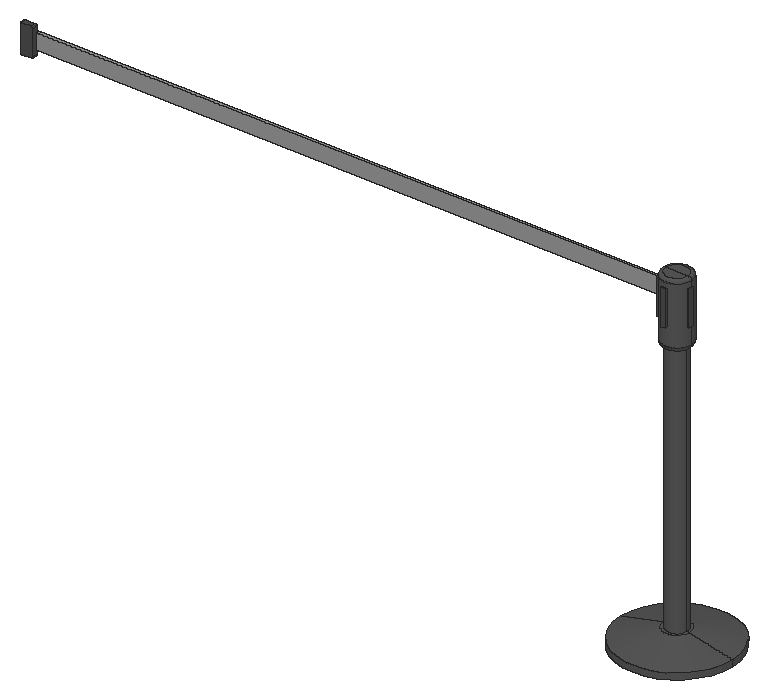
Revit family "DQMG0002", category Generic Models, Revit 2017
Family settings
  Can host rebar = No
  Round Connector Dimension = Use Diameter
  Part Type = Normal
  Work Plane-Based = No
  Always vertical = Yes
  Cut with Voids When Loaded = Yes
  Shared = No
  Room Calculation Point = No
Parameters
  Website = "https://dolphy.in/"  # constant formula
  Contact number = "+91 9520202035"  # constant formula
  Contact email = "info@dolphy.in"  # constant formula
  Company name = "Dolphy India"  # constant formula
Reference planes
  plane 1 "Center (Front/Back)": y = 0
  plane 2: z = 0
  plane 3 "Center (Left/Right)": x = 0
Forms (mm)
  Revolve 1, solid, material "Dolphy_BLACK"
    sketch origin (0, 0, 0) x (1, 0, 0) y (0, 0, 1)
      loop
        line (0, 0) -> (0, 1050) -> (-35, 1050)
        spline (-35, 1050) -> (-36.597, 1049.931) -> (-38.056, 1049.722) -> (-39.375, 1049.375) -> (-40.556, 1048.889) -> (-41.597, 1048.264) -> (-42.5, 1047.5) -> (-43.264, 1046.597) -> (-43.889, 1045.556) -> (-44.375, 1044.375) -> (-44.722, 1043.056) -> (-44.931, 1041.597) -> (-45, 1040)
        line (-45, 1040) -> (-45, 860)
        spline (-45, 860) -> (-44.931, 858.403) -> (-44.722, 856.944) -> (-44.375, 855.625) -> (-43.889, 854.444) -> (-43.264, 853.403) -> (-42.5, 852.5) -> (-41.597, 851.736) -> (-40.556, 851.111) -> (-39.375, 850.625) -> (-38.056, 850.278) -> (-36.597, 850.069) -> (-35, 850)
        line (-35, 850) -> (-31.5, 850) -> (-31.5, 50) -> (-41.5, 50) -> (-175, 20) -> (-175, 0) -> (0, 0)
      axis (0, 1050) -> (0, 0)
    angle from 0 to 360
  Extrusion 2, solid, material "Black"
    sketch origin (-0.03, 0, 0.32) x (1, 0, 0) y (0, 0, 1)
      loop
        line (-38.544, 1025.1) -> (-49.97, 1025.1) -> (-49.97, 915.1) -> (-38.544, 915.1) -> (-38.544, 1025.1)
      loop
        line (38.932, 1025.1) -> (38.932, 915.1) -> (50.03, 915.1) -> (50.03, 1025.1) -> (38.932, 1025.1)
    from 0 to 15
  Extrusion 3, solid, material "Black"
    sketch origin (0, 0, 0) x (0, 1, 0) y (0, 0, 1)
      loop
        line (35, 1024.691) -> (35, 914.691) -> (49.985, 914.691) -> (49.985, 1024.691) -> (35, 1024.691)
      loop
        line (-39.396, 1024.691) -> (-50.015, 1024.691) -> (-50.015, 914.691) -> (-39.396, 914.691) -> (-39.396, 1024.691)
    from -10 to 5
  Extrusion 4, void
    sketch origin (0, -8.75, 0) x (1, 0, 0) y (0, 0, 1)
      loop
        line (-91.515, 1019.691) -> (-91.515, 919.691) -> (-17.458, 919.691) -> (-17.458, 1019.691) -> (-91.515, 1019.691)
    from -3 to 1
  Extrusion 5, solid, material "Band"
    sketch origin (0, 0, 0) x (1, 0, 0) y (0, 0, 1)
      loop
        line (-50, 1019.691) -> (-2000, 1019.691) -> (-2010, 1019.691) -> (-2010, 969.691) -> (-2000, 969.691) -> (-50, 969.691) -> (-50, 1019.691)
    from -3 to 5
  Extrusion 6, solid, material "Black"
    sketch origin (0, 0, 0) x (1, 0, 0) y (0, 0, 1)
      loop
        line (-2015, 1039.691) -> (-2045, 1039.691)
        spline (-2045, 1039.691) -> (-2045.799, 1039.657) -> (-2046.528, 1039.553) -> (-2047.187, 1039.379) -> (-2047.778, 1039.136) -> (-2048.299, 1038.823) -> (-2048.75, 1038.441) -> (-2049.132, 1037.99) -> (-2049.444, 1037.469) -> (-2049.688, 1036.879) -> (-2049.861, 1036.219) -> (-2049.965, 1035.49) -> (-2050, 1034.691)
        line (-2050, 1034.691) -> (-2050, 954.691)
        spline (-2050, 954.691) -> (-2049.965, 953.893) -> (-2049.861, 953.164) -> (-2049.688, 952.504) -> (-2049.444, 951.914) -> (-2049.132, 951.393) -> (-2048.75, 950.941) -> (-2048.299, 950.56) -> (-2047.778, 950.247) -> (-2047.187, 950.004) -> (-2046.528, 949.83) -> (-2045.799, 949.726) -> (-2045, 949.691)
        line (-2045, 949.691) -> (-2015, 949.691)
        spline (-2015, 949.691) -> (-2014.201, 949.726) -> (-2013.472, 949.83) -> (-2012.812, 950.004) -> (-2012.222, 950.247) -> (-2011.701, 950.56) -> (-2011.25, 950.941) -> (-2010.868, 951.393) -> (-2010.556, 951.914) -> (-2010.312, 952.504) -> (-2010.139, 953.164) -> (-2010.035, 953.893) -> (-2010, 954.691)
        line (-2010, 954.691) -> (-2010, 1034.691)
        spline (-2010, 1034.691) -> (-2010.035, 1035.49) -> (-2010.139, 1036.219) -> (-2010.312, 1036.879) -> (-2010.556, 1037.469) -> (-2010.868, 1037.99) -> (-2011.25, 1038.441) -> (-2011.701, 1038.823) -> (-2012.222, 1039.136) -> (-2012.812, 1039.379) -> (-2013.472, 1039.553) -> (-2014.201, 1039.657) -> (-2015, 1039.691)
    from 0 to 15
Cuts and joins
  Extrusion 4 cuts Extrusion 2
Dimensions and locks
  aligned and locked: level to plane 2
